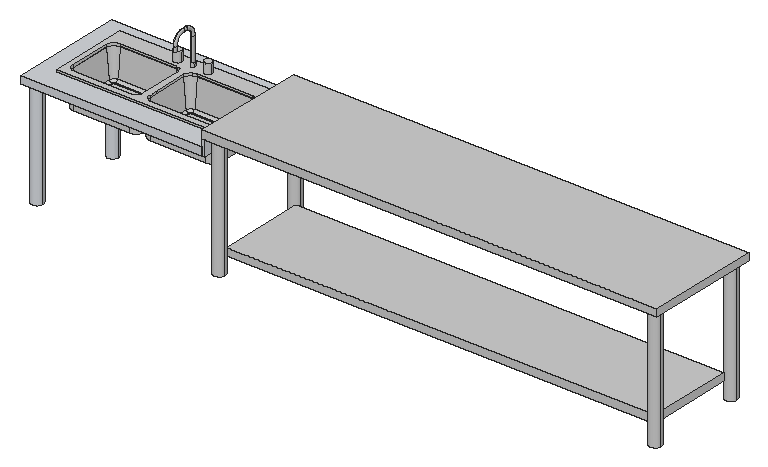
Revit family
Reference planes (in)
  plane 1 "Center Front/Back": y = 0
  plane 2: z = 0
  plane 3 "Center Left/Right": x = 0
Forms (in)
  Extrusion 1, solid, material "Default"
    sketch origin (0, 0, 32) x (1, 0, 0) y (0, 1, 0)
      loop
        line (-60, 15) -> (-60, -15) -> (60, -15) -> (60, 15) -> (-60, 15)
    from 0 to 2
  Extrusion 2, solid, material "Default"
    sketch origin (0, 0, 0) x (1, 0, 0) y (0, 1, 0)
      loop
        circle (-57.5, 12.5) r 1.5
      loop
        circle (-57.5, -12.5) r 1.5
      loop
        circle (57.5, 12.5) r 1.5
      loop
        circle (57.5, -12.5) r 1.5
    from 0 to 33
  Extrusion 3, solid, material "Default"
    sketch origin (0, 0, 4) x (1, 0, 0) y (0, 1, 0)
      loop
        line (-56.4204, 11.4204) -> (-56.4204, -11.4204) -> (56.4204, -11.4204) -> (56.4204, 11.4204) -> (-56.4204, 11.4204)
    from 0 to 2
  Extrusion 4, solid
    sketch origin (0, 0, 28) x (1, 0, 0) y (0, 1, 0)
      loop
        line (-60, 15) -> (-108, 15) -> (-108, -15) -> (-60, -15) -> (-60, 15)
      loop
        line (-101.75, -7.5) -> (-62.75, -7.5) -> (-62.75, 7.5) -> (-101.75, 7.5) -> (-101.75, -7.5)
    from 0 to 2
  Extrusion 5, solid
    sketch origin (0, 15, -0.00031) x (1, 0, 0) y (0, 0, 1)
      loop
        line (-60, 28) -> (-59.25, 28) -> (-59.25, 32) -> (-60, 32) -> (-60, 28)
    from 0 to 30
  Extrusion 6, solid
    sketch origin (0, 0, 0) x (1, 0, 0) y (0, 1, 0)
      loop
        circle (-105.5054, -12.53864) r 1.5
      loop
        circle (-105.64003, 12.50554) r 1.5
    from 0 to 28
Lines and regions (in)
  model lines
    curve 1: line (60, 15, 0) -> (-60, 15, 0)
    curve 2: line (-60, 15, 0) -> (-60, -15, 0)
    curve 3: line (-60, -15, 0) -> (60, -15, 0)
    curve 4: line (60, -15, 0) -> (60, 15, 0)
Dimensions and locks (in)
  Extrusion 1 to curve 3 = 2' - 10"
  Extrusion 3 to curve 1 = 0' - 6"
Nested families (in)
  nested 1: "Sink Kitchen-Double" at (-82.86769, 1.40766, -6), type "42" x 21""
Definition of nested family "Sink Kitchen-Double"
  Parameters (values of type "42" x 21"")
    Assembly Code = "D2010410"
    Counter Height = 3' - 0"
    Depth = 1' - 9"
    Faucet Material = Metal - Steel, Polished
    Sink Material = Metal - Steel, Polished
    Width = 3' - 6"
  Reference planes (in)
    plane 1 "Center (Front/Back)": y = -1.40766
    plane 2: z = 0
    plane 3 "Center (Left/Right)": x = 0.61769
    plane 4: y = 10.59234
    plane 5: y = -10.40766
    plane 6: x = -20.38231
    plane 7: x = 21.61769
    plane 8 "Top Of Counter": z = 36
    plane 9: z = 36.5
    plane 10: z = 27.5
    plane 11: y = 6.09234
    plane 12: x = -18.88231
    plane 13: y = -8.90766
    plane 14: x = 20.11769
    plane 15: x = -3.38231
    plane 16: x = 4.61769
    plane 17: y = 8.34234
    plane 18: y = 8.34234
    plane 19: y = 8.34234
    plane 20: z = 46.375
    plane 21: y = 2.46734
    plane 22: z = 39
    plane 23: z = 37.5
    plane 24: x = -0.13231
    plane 25: x = 1.36769
    plane 26: x = -9.13231
    plane 27: x = 10.36769
    plane 28: z = 27.875
  Forms (in)
    Extrusion 1, solid, material "Metal - Steel, Polished" <- "Sink Material"
      sketch origin (0, 0, 0) x (1, 0, 0) y (0, 1, 0)
        loop
          line (-20.38231, 10.59234) -> (-20.38231, -10.40766) -> (21.61769, -10.40766) -> (21.61769, 10.59234) -> (-20.38231, 10.59234)
        loop
          arc (-16.88231, 6.09234) -> (-18.29653, 5.50655) -> (-18.88231, 4.09234) r 2
          line (-18.88231, 4.09234) -> (-18.88231, -6.90766)
          arc (-18.88231, -6.90766) -> (-18.29653, -8.32187) -> (-16.88231, -8.90766) r 2
          line (-16.88231, -8.90766) -> (-2.13231, -8.90766)
          arc (-2.13231, -8.90766) -> (-0.7181, -8.32187) -> (-0.13231, -6.90766) r 2
          line (-0.13231, -6.90766) -> (-0.13231, 4.09234)
          arc (-0.13231, 4.09234) -> (-0.7181, 5.50655) -> (-2.13231, 6.09234) r 2
          line (-2.13231, 6.09234) -> (-16.88231, 6.09234)
        loop
          arc (18.11769, -8.90766) -> (19.5319, -8.32187) -> (20.11769, -6.90766) r 2
          line (20.11769, -6.90766) -> (20.11769, 4.09234)
          arc (20.11769, 4.09234) -> (19.5319, 5.50655) -> (18.11769, 6.09234) r 2
          line (18.11769, 6.09234) -> (3.36769, 6.09234)
          arc (3.36769, 6.09234) -> (1.95347, 5.50655) -> (1.36769, 4.09234) r 2
          line (1.36769, 4.09234) -> (1.36769, -6.90766)
          arc (1.36769, -6.90766) -> (1.95347, -8.32187) -> (3.36769, -8.90766) r 2
          line (3.36769, -8.90766) -> (18.11769, -8.90766)
      from 36 to 36.5
    Sweep 2, solid, material "Metal - Steel, Polished" <- "Sink Material"
      path origin (0, 0, 0) x (1, 0, 0) y (0, 1, 0)
        loop
          arc (-16.88231, 6.09234) -> (-18.29653, 5.50655) -> (-18.88231, 4.09234) r 2
          line (-18.88231, 4.09234) -> (-18.88231, -6.90766)
          arc (-18.88231, -6.90766) -> (-18.29653, -8.32187) -> (-16.88231, -8.90766) r 2
          line (-16.88231, -8.90766) -> (-2.13231, -8.90766)
          arc (-2.13231, -8.90766) -> (-0.7181, -8.32187) -> (-0.13231, -6.90766) r 2
          line (-0.13231, -6.90766) -> (-0.13231, 4.09234)
          arc (-0.13231, 4.09234) -> (-0.7181, 5.50655) -> (-2.13231, 6.09234) r 2
          line (-2.13231, 6.09234) -> (-16.88231, 6.09234)
      profile origin (-9.50731, 0, 0) x (0, 1, 0) y (0, 0, 1)
        loop
          line (6.09234, 36) -> (5.44139, 28.55963)
          arc (5.44139, 28.55963) -> (5.20094, 28.07204) -> (4.69424, 27.875) r 0.75
          line (4.69424, 27.875) -> (4.59234, 27.875) -> (4.59234, 27.5) -> (6.34234, 27.5) -> (6.34234, 36) -> (6.09234, 36)
    Extrusion 3, solid, material "Metal - Steel, Polished" <- "Sink Material"
      sketch origin (0, 0, 0) x (1, 0, 0) y (0, 1, 0)
        loop
          arc (-16.88231, 4.59234) -> (-17.23587, 4.44589) -> (-17.38231, 4.09234) r 0.5
          line (-17.38231, 4.09234) -> (-17.38231, -6.90766)
          arc (-17.38231, -6.90766) -> (-17.23587, -7.26121) -> (-16.88231, -7.40766) r 0.5
          line (-16.88231, -7.40766) -> (-2.13231, -7.40766)
          arc (-2.13231, -7.40766) -> (-1.77876, -7.26121) -> (-1.63231, -6.90766) r 0.5
          line (-1.63231, -6.90766) -> (-1.63231, 4.09234)
          arc (-1.63231, 4.09234) -> (-1.77876, 4.44589) -> (-2.13231, 4.59234) r 0.5
          line (-2.13231, 4.59234) -> (-16.88231, 4.59234)
        loop
          circle (-9.13231, -1.40766) r 1
      from 27.5 to 27.875
    Extrusion 4, solid, material "Metal - Steel, Polished" <- "Faucet Material"
      sketch origin (0, 0, 0) x (1, 0, 0) y (0, 1, 0)
        loop
          circle (-3.38231, 8.34234) r 1
        loop
          circle (4.61769, 8.34234) r 1
      from 36.5 to 39
    Sweep 5, solid, material "Metal - Steel, Polished" <- "Faucet Material"
      path origin (0.61769, 0, 0) x (0, 1, 0) y (0, 0, 1)
        loop
          line (8.34234, 36.5) -> (8.34234, 43.875)
          arc (8.34234, 43.875) -> (7.61011, 45.64277) -> (5.84234, 46.375) r 2.5
          line (5.84234, 46.375) -> (4.96734, 46.375)
          arc (4.96734, 46.375) -> (3.19957, 45.64277) -> (2.46734, 43.875) r 2.5
          line (2.46734, 43.875) -> (2.46734, 42.5)
      profile origin (0.61769, 0, 40.1875) x (0, -1, 0) y (1, 0, 0)
        loop
          circle (-8.34234, 0) r 0.375
    Extrusion 6, solid, material "Metal - Steel, Polished" <- "Faucet Material"
      sketch origin (0, 0, 0) x (1, 0, 0) y (0, 1, 0)
        loop
          circle (0.61769, 8.34234) r 0.5
      from 36.5 to 37.5
    Sweep 7, solid, material "Metal - Steel, Polished" <- "Sink Material"
      path origin (1.23537, 0, 0) x (-1, 0, 0) y (0, -1, 0)
        loop
          line (-16.88231, -6.09234) -> (-2.13231, -6.09234)
          arc (-2.13231, -6.09234) -> (-0.7181, -5.50655) -> (-0.13231, -4.09234) r 2
          line (-0.13231, -4.09234) -> (-0.13231, 6.90766)
          arc (-0.13231, 6.90766) -> (-0.7181, 8.32187) -> (-2.13231, 8.90766) r 2
          line (-2.13231, 8.90766) -> (-16.88231, 8.90766)
          arc (-16.88231, 8.90766) -> (-18.29653, 8.32187) -> (-18.88231, 6.90766) r 2
          line (-18.88231, 6.90766) -> (-18.88231, -4.09234)
          arc (-18.88231, -4.09234) -> (-18.29653, -5.50655) -> (-16.88231, -6.09234) r 2
      profile origin (10.74269, 0, 0) x (0, -1, 0) y (0, 0, 1)
        loop
          line (-6.09234, 36) -> (-6.34234, 36) -> (-6.34234, 27.5) -> (-4.59234, 27.5) -> (-4.59234, 27.875) -> (-4.69424, 27.875)
          arc (-4.69424, 27.875) -> (-5.20094, 28.07204) -> (-5.44139, 28.55963) r 0.75
          line (-5.44139, 28.55963) -> (-6.09234, 36)
    Extrusion 8, solid, material "Metal - Steel, Polished" <- "Sink Material"
      sketch origin (0, 0, 0) x (1, 0, 0) y (0, 1, 0)
        loop
          arc (3.36769, 4.69424) -> (3.01413, 4.5478) -> (2.86769, 4.19424) r 0.5
          line (2.86769, 4.19424) -> (2.86769, -6.90766)
          arc (2.86769, -6.90766) -> (3.01413, -7.26121) -> (3.36769, -7.40766) r 0.5
          line (3.36769, -7.40766) -> (18.11769, -7.40766)
          arc (18.11769, -7.40766) -> (18.47124, -7.26121) -> (18.61769, -6.90766) r 0.5
          line (18.61769, -6.90766) -> (18.61769, 4.19424)
          arc (18.61769, 4.19424) -> (18.47124, 4.5478) -> (18.11769, 4.69424) r 0.5
          line (18.11769, 4.69424) -> (3.36769, 4.69424)
        loop
          circle (10.36769, -1.40766) r 1
      from 27.5 to 27.875
  Cuts and joins
    joined: Extrusion 1, Sweep 2, Sweep 7
    joined: Sweep 5, Extrusion 6
  Lines and regions (in)
    Masking region 1
      outline origin (0, 0, 36) x (0, -1, 0) y (1, 0, 0)
        loop
          line (-10.59234, -20.38231) -> (10.40766, -20.38231) -> (10.40766, 21.61769) -> (-10.59234, 21.61769) -> (-10.59234, -20.38231)
    symbolic lines
      curve 1: line (-18.88231, 4.09234, 36) -> (-18.88231, -6.90766, 36)
      curve 2: line (-16.88231, -8.90766, 36) -> (-2.13231, -8.90766, 36)
      curve 3: line (20.11769, -6.90766, 36) -> (20.11769, 4.09234, 36)
      curve 4: line (18.11769, 6.09234, 36) -> (3.36769, 6.09234, 36)
      curve 5: arc (20.11769, 4.09234, 36) -> (19.5319, 5.50655, 36) -> (18.11769, 6.09234, 36) r 2
      curve 6: arc (18.11769, -8.90766, 36) -> (19.5319, -8.32187, 36) -> (20.11769, -6.90766, 36) r 2
      curve 7: arc (-18.88231, -6.90766, 36) -> (-18.29653, -8.32187, 36) -> (-16.88231, -8.90766, 36) r 2
      curve 8: arc (-16.88231, 6.09234, 36) -> (-18.29653, 5.50655, 36) -> (-18.88231, 4.09234, 36) r 2
      curve 9: arc (1.11769, 8.34234, 36) -> (0.61769, 8.84234, 36) -> (0.11769, 8.34234, 36) r 0.5
      curve 10: line (0.11769, 8.34234, 36) -> (0.11769, 0.59234, 36)
      curve 11: line (1.11769, 8.34234, 36) -> (1.11769, 0.59234, 36)
      curve 12: arc (1.11769, 0.59234, 36) -> (0.61769, 0.09234, 36) -> (0.11769, 0.59234, 36) r 0.5
      curve 13: line (-0.13231, 4.09234, 36) -> (-0.13231, -6.90766, 36)
      curve 14: line (1.36769, 4.09234, 36) -> (1.36769, -6.90766, 36)
      curve 15: line (3.36769, -8.90766, 36) -> (18.11769, -8.90766, 36)
      curve 16: line (-2.13231, 6.09234, 36) -> (-16.88231, 6.09234, 36)
      curve 17: arc (3.36769, 6.09234, 36) -> (1.95347, 5.50655, 36) -> (1.36769, 4.09234, 36) r 2
      curve 18: arc (1.36769, -6.90766, 36) -> (1.95347, -8.32187, 36) -> (3.36769, -8.90766, 36) r 2
      curve 19: arc (-0.13231, -6.90766, 36) -> (-0.7181, -8.32187, 36) -> (-2.13231, -8.90766, 36) r 2
      curve 20: arc (-0.13231, 4.09234, 36) -> (-0.7181, 5.50655, 36) -> (-2.13231, 6.09234, 36) r 2
      curve 21: arc (-10.13231, -1.40766, 36) -> (-9.13231, -0.40766, 36) -> (-8.13231, -1.40766, 36) r 1
      curve 22: arc (-8.13231, -1.40766, 36) -> (-9.13231, -2.40766, 36) -> (-10.13231, -1.40766, 36) r 1
      curve 23: arc (9.36769, -1.40766, 36) -> (10.36769, -0.40766, 36) -> (11.36769, -1.40766, 36) r 1
      curve 24: arc (11.36769, -1.40766, 36) -> (10.36769, -2.40766, 36) -> (9.36769, -1.40766, 36) r 1
      curve 25: arc (-4.38231, 8.34234, 36) -> (-3.38231, 7.34234, 36) -> (-2.38231, 8.34234, 36) r 1
      curve 26: arc (-2.38231, 8.34234, 36) -> (-3.38231, 9.34234, 36) -> (-4.38231, 8.34234, 36) r 1
      curve 27: arc (3.61769, 8.34234, 36) -> (4.61769, 7.34234, 36) -> (5.61769, 8.34234, 36) r 1
      curve 28: arc (5.61769, 8.34234, 36) -> (4.61769, 9.34234, 36) -> (3.61769, 8.34234, 36) r 1
  Dimensions and locks (in)
    equal spacing: plane 6, plane 3 "Center (Left/Right)", plane 7
    "Width": plane 6 to plane 7
    "Depth": plane 5 to plane 4
    "Counter Height": plane 8 "Top Of Counter" to plane 2
    locked: plane 9 to plane 8 "Top Of Counter" at 0.5
    locked: plane 8 "Top Of Counter" to plane 10 at 8.5
    locked: plane 6 to plane 12 at 1.5
    locked: plane 14 to plane 7 at 1.5
    locked: plane 11 to plane 4 at 4.5
    locked: plane 5 to plane 13 at 1.5
    equal spacing: plane 11, plane 17, plane 4
    equal spacing: plane 11, plane 18, plane 4
    equal spacing: plane 4, plane 19, plane 11
    locked: plane 19 to plane 21 at 5.875
    locked: plane 20 to plane 9 at 9.875
    locked: plane 22 to plane 9 at 2.5
    locked: plane 23 to plane 9 at 1
    plane 24 to plane 3 "Center (Left/Right)" to plane 25 = 0' - 0 3/4" locked, 0' - 0 3/4" locked
    equal spacing: plane 12, plane 26, plane 3 "Center (Left/Right)"
    equal spacing: plane 3 "Center (Left/Right)", plane 27, plane 14
    equal spacing: plane 13, plane 1 "Center (Front/Back)", plane 11
    locked: plane 15 to plane 3 "Center (Left/Right)" at 4
    locked: plane 3 "Center (Left/Right)" to plane 16 at 4
    locked: plane 28 to plane 10 at 0.375
    aligned and locked: Extrusion 1 sketch curve to plane 5
    aligned and locked: plane 7 to Extrusion 1 sketch curve
    aligned and locked: plane 4 to Extrusion 1 sketch curve
    aligned and locked: Extrusion 1 sketch curve to plane 6
    aligned and locked: plane 8 "Top Of Counter" to Extrusion 1
    aligned and locked: Extrusion 1 to plane 9
    aligned and locked: plane 11 to Extrusion 1 sketch curve
    aligned and locked: plane 14 to Extrusion 1 sketch curve
    aligned and locked: Extrusion 1 sketch curve to plane 12
    aligned and locked: Extrusion 1 sketch curve to plane 13
    aligned and locked: plane 11 to Sweep 2 sketch curve
    aligned and locked: Sweep 2 sketch curve to plane 12
    aligned and locked: Sweep 2 sketch curve to plane 13
    aligned and locked: Sweep 2 to Extrusion 3 sketch curve  (x4)
    aligned and locked: plane 10 to Extrusion 3
    aligned and locked: Sweep 2 sketch curve to plane 10
    aligned and locked: plane 8 "Top Of Counter" to Sweep 2 sketch curve
    aligned and locked: Extrusion 4 to Extrusion 1
    aligned and locked: Extrusion 6 to Extrusion 1
    aligned and locked: Sweep 5 sketch curve to plane 19
    aligned and locked: plane 20 to Sweep 5 sketch curve
    aligned and locked: plane 21 to Sweep 5 sketch curve
    aligned and locked: Extrusion 4 to plane 22
    aligned and locked: Extrusion 6 to plane 23
    aligned and locked: Sweep 2 sketch curve to Extrusion 1
    aligned and locked: Sweep 7 sketch curve to plane 14
    aligned and locked: Sweep 7 sketch curve to Extrusion 1
    aligned and locked: Sweep 7 sketch curve to plane 11
    aligned and locked: plane 13 to Sweep 7 sketch curve
    aligned and locked: plane 10 to Extrusion 8
    aligned and locked: curve 21 to Extrusion 3
    aligned and locked: curve 23 to Extrusion 8
    aligned and locked: Extrusion 8 sketch curve to Sweep 7
    aligned and locked: Sweep 7 sketch curve to plane 8 "Top Of Counter"
    aligned and locked: plane 10 to Sweep 7 sketch curve
    aligned and locked: plane 4 to Masking region 1 sketch curve
    aligned and locked: plane 7 to Masking region 1 sketch curve
    aligned and locked: Masking region 1 sketch curve to plane 5
    aligned and locked: Masking region 1 sketch curve to plane 6
    aligned and locked: plane 15 to Extrusion 4 sketch curve
    aligned and locked: plane 17 to Extrusion 4 sketch curve  (x2)
    aligned and locked: plane 16 to Extrusion 4 sketch curve
    aligned and locked: curve 25 to Extrusion 4
    aligned and locked: curve 27 to Extrusion 4
    aligned and locked: Extrusion 3 to plane 28
    aligned and locked: Extrusion 8 to plane 28
  Automatic sketch dimensions
    Sweep 2 sketch curve to profile plane = 0' - 0"
    profile plane to Sweep 2 sketch curve = 0' - 0.65095"
    Sweep 2 sketch curve to Sweep 2 sketch curve = 0' - 0.74715"
    Sweep 2 sketch curve to Sweep 2 sketch curve = 0' - 0.10191"
    Sweep 2 sketch curve to profile plane = 0' - 0 1/4"
    Sweep 2 sketch curve to Sweep 2 sketch curve = 0' - 0 3/8"
    Sweep 2 sketch curve to Sweep 2 sketch curve = 0' - 0.68463"
    plane 15 to Extrusion 4 sketch curve = 0' - 1"
    plane 16 to Extrusion 4 sketch curve = 0' - 1"
    Sweep 5 sketch curve to plane 3 "Center (Left/Right)" = 0' - 0"
    Sweep 5 sketch curve to profile plane = 0' - 0"
    profile plane to Sweep 5 sketch curve = 0' - 0 3/8"
    Extrusion 6 sketch curve to plane 18 = 0' - 0"
    Extrusion 6 sketch curve to plane 3 "Center (Left/Right)" = 0' - 0"
    Extrusion 6 sketch curve to plane 3 "Center (Left/Right)" = 0' - 0 1/2"
    Sweep 5 sketch curve to plane 9 = 0' - 0"
    Sweep 5 sketch curve to Sweep 5 sketch curve = 0' - 2 1/2"
    plane 11 to Sweep 5 sketch curve = 0' - 0 1/4"
    Sweep 5 sketch curve to Sweep 5 sketch curve = 0' - 1 3/8"
    Extrusion 1 sketch curve to plane 13 = 0' - 0"
    Extrusion 1 sketch curve to plane 24 = 0' - 0"
    Extrusion 1 sketch curve to plane 25 = 0' - 0"
    Extrusion 1 sketch curve to plane 11 = 0' - 0"
    Extrusion 1 sketch curve to plane 12 = 0' - 2"  (x2)
    Extrusion 1 sketch curve to plane 3 "Center (Left/Right)" = 0' - 2 3/4"  (x2)
    plane 3 "Center (Left/Right)" to Extrusion 1 sketch curve = 0' - 2 3/4"  (x2)
    plane 14 to Extrusion 1 sketch curve = 0' - 2"
    Extrusion 1 sketch curve to Extrusion 1 sketch curve = 0' - 2"
    Sweep 2 sketch curve to plane 12 = 0' - 2"  (x2)
    Sweep 2 sketch curve to plane 3 "Center (Left/Right)" = 0' - 2 3/4"  (x2)
    plane 14 to Sweep 7 sketch curve = 0' - 2"  (x2)
    Sweep 7 sketch curve to Sweep 7 sketch curve = 0' - 2"
    plane 3 "Center (Left/Right)" to Sweep 7 sketch curve = 0' - 2 3/4"
    Extrusion 3 sketch curve to plane 1 "Center (Front/Back)" = 0' - 0"
    Extrusion 3 sketch curve to plane 26 = 0' - 0"
    Extrusion 3 sketch curve to Extrusion 3 sketch curve = 0' - 0 1/2"  (x4)
    plane 26 to Extrusion 3 sketch curve = 0' - 1"
    Extrusion 8 sketch curve to plane 1 "Center (Front/Back)" = 0' - 0"
    Extrusion 8 sketch curve to plane 27 = 0' - 0"
    plane 27 to Extrusion 8 sketch curve = 0' - 1"
    plane 3 "Center (Left/Right)" to Extrusion 8 sketch curve = 0' - 2 3/4"  (x2)
    Extrusion 8 sketch curve to Extrusion 8 sketch curve = 0' - 0 1/2"  (x2)
    plane 11 to Extrusion 8 sketch curve = 0' - 1.89809"
    Extrusion 8 sketch curve to plane 13 = 0' - 2"
    plane 7 to Extrusion 8 sketch curve = 0' - 3 1/2"
    Sweep 7 sketch curve to profile plane = 0' - 0"
    profile plane to Sweep 7 sketch curve = 0' - 0 1/4"
    Sweep 7 sketch curve to profile plane = 0' - 0.65095"
    Sweep 7 sketch curve to Sweep 7 sketch curve = 0' - 0.74715"
    Sweep 7 sketch curve to Sweep 7 sketch curve = 0' - 0.10191"
    Sweep 7 sketch curve to Sweep 7 sketch curve = 0' - 0.06537"
    Sweep 7 sketch curve to Sweep 7 sketch curve = 0' - 1.05963"
    curve 20 to plane 11 = 0' - 0"
    curve 17 to plane 11 = 0' - 0"
    curve 5 to plane 14 = 0' - 0"
    curve 1 to plane 12 = 0' - 0"
    curve 12 to plane 3 "Center (Left/Right)" = 0' - 0"
    curve 7 to plane 13 = 0' - 0"
    curve 18 to plane 13 = 0' - 0"
    plane 4 to curve 11 = 0' - 2 1/4"
    plane 11 to curve 5 = 0' - 2"
    plane 11 to curve 8 = 0' - 2"
    curve 13 to plane 3 "Center (Left/Right)" = 0' - 0 3/4"
    curve 14 to curve 13 = 0' - 0"
    curve 11 to plane 1 "Center (Front/Back)" = 0' - 2"
    plane 3 "Center (Left/Right)" to curve 14 = 0' - 0 3/4"
    curve 14 to plane 13 = 0' - 2"
    curve 13 to curve 14 = 0' - 0"
    curve 1 to plane 13 = 0' - 2"
    curve 6 to plane 13 = 0' - 2"
    curve 9 to plane 3 "Center (Left/Right)" = 0' - 0 1/2"
    curve 4 to curve 27 = 0' - 0 1/4"
